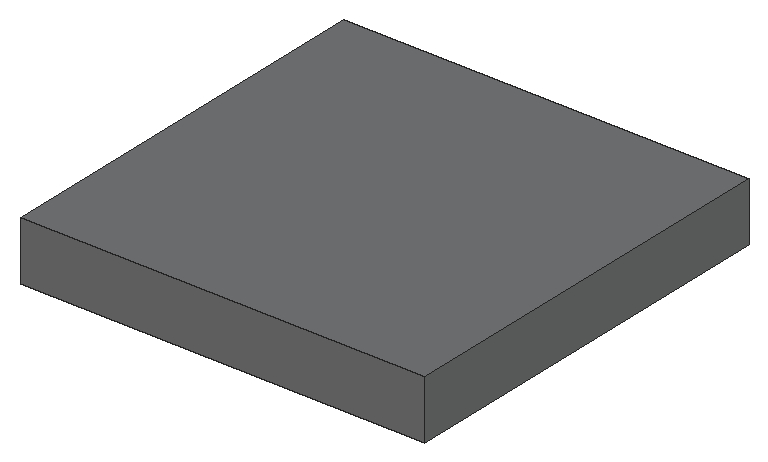
Revit family "Gira_086928", category Electrical Fixtures, host Face, Revit 2017
Family settings
  Host = Face
  Maintain Annotation Orientation = No
  Round Connector Dimension = Use Diameter
  Part Type = Normal
  Cut with Voids When Loaded = No
  Shared = No
  Room Calculation Point = No
Parameters (values of type "Abd. Koaxial-Antennensteckd. System 55 Anthrazit")
  Zusammenstellung = "Zentralplatte"
  Werkstoffgüte = "sonstige"
  Werkstoff = "Kunststoff"
  URL = "http://katalog.gira.de/de_DE/datenblatt.html?artikelnr=086928"
  Transparent = "No"
  Tragring = "No"
  Region = "DE"
  Oberfläche = "sonstige"
  Name = "Abd. Koaxial-Antennensteckd. System 55 Anthrazit"
  Montageart = "unter Putz"
  Mit Zugentlastung = "No"
  Mit Staubschutz = "No"
  Mit Klappdeckel = "No"
  Mit Aufdruck = "No"
  Manufacturer URL = "https://www.gira.de/"
  Lüsterklemme = "No"
  Keynote = "Sys55_Abdeckung_Schalten und Tasten"
  HeinzeBIM = "https://bimportal.heinze.de/bim/abd-koaxial-antennensteckd-system-55-anthrazit/1ce6873aede3b45de4fe0738fb75fbf17dc7cbde"
  Halogenfrei = "Yes"
  HAN = "086928"
  Geeignet für Schutzart (IP) = "IP20"
  GTIN = "4010337869283"
  Farbe = "anthrazit"
  Default Elevation = 1219.2 mm
  Data sheet (1) = "https://katalog.gira.de/de_DE/download.html?artikelnr=086928"
  Category = "Einsatz/Abdeckung für Kommunikationstechnik"
  Beschriftungsfeld = "ohne Beschriftungsfeld"
  Befestigungsart = "Befestigung mit Schraube"
  Available = "Yes"
  Ausführung der Oberfläche = "nicht zutreffend"
  Anthrazit [instance] = Anthrazit
Reference planes
  plane 1 "Center (Front/Back)": y = 0
  plane 2: z = 0
  plane 3 "Center (Left/Right)": x = 0
Forms (mm)
  Extrusion 1, solid, material "Anthrazit" <- "Anthrazit", detail levels fine
    sketch origin (0, 0, 0) x (1, 0, 0) y (0, 1, 0)
      loop
        line (-27.5, 27.5) -> (-27.5, -27.5) -> (27.5, -27.5) -> (27.5, 27.5) -> (-27.5, 27.5)
    from 0 to 8
  Extrusion 2, void
    sketch origin (0, 0, 0) x (1, 0, 0) y (0, 1, 0)
      loop
        line (26, 26) -> (-26, 26) -> (-26, -26) -> (26, -26) -> (26, 26)
    from 0 to 6
  Extrusion 3, solid, material "Anthrazit" <- "Anthrazit", detail levels medium
    sketch origin (0, 0, 0) x (1, 0, 0) y (0, 1, 0)
      loop
        line (-27.5, 27.5) -> (-27.5, -27.5) -> (27.5, -27.5) -> (27.5, 27.5) -> (-27.5, 27.5)
    from 0 to 8
  Extrusion 4, solid, material "Anthrazit" <- "Anthrazit", detail levels medium
    sketch origin (0, 0, 0) x (1, 0, 0) y (0, 1, 0)
      loop
        line (11, -17.5) -> (11, 17.5) -> (-11, 17.5) -> (-11, -17.5) -> (11, -17.5)
    from -6 to 6
  Extrusion 5, solid, material "Anthrazit" <- "Anthrazit", detail levels fine
    sketch origin (0, 0, 0) x (1, 0, 0) y (0, 1, 0)
      loop
        line (11, 17.5) -> (-11, 17.5) -> (-11, 16.5) -> (11, 16.5) -> (11, 17.5)
      loop
        line (-11, -16.5) -> (-11, -17.5) -> (11, -17.5) -> (11, -16.5) -> (-11, -16.5)
    from -4 to 6
  Extrusion 6, solid, material "Anthrazit" <- "Anthrazit", detail levels fine
    sketch origin (0, 0, 0) x (1, 0, 0) y (0, 1, 0)
      loop
        arc (5, 9.347) -> (0, 10.6) -> (-5, 9.347) r 10.6
        line (-5, 9.347) -> (-5, -9.347)
        arc (-5, -9.347) -> (0, -10.6) -> (5, -9.347) r 10.6
        line (5, -9.347) -> (5, 9.347)
    from -6 to 6
  Extrusion 7, solid, material "Anthrazit" <- "Anthrazit", detail levels coarse
    sketch origin (0, 0, 0) x (1, 0, 0) y (0, 1, 0)
      loop
        line (-27.5, 27.5) -> (-27.5, -27.5) -> (27.5, -27.5) -> (27.5, 27.5) -> (-27.5, 27.5)
    from -6 to 8
Cuts and joins
  Extrusion 2 cuts Extrusion 1
Dimensions and locks
  aligned and locked: plane 2 to host face
  aligned and locked: level to host face
